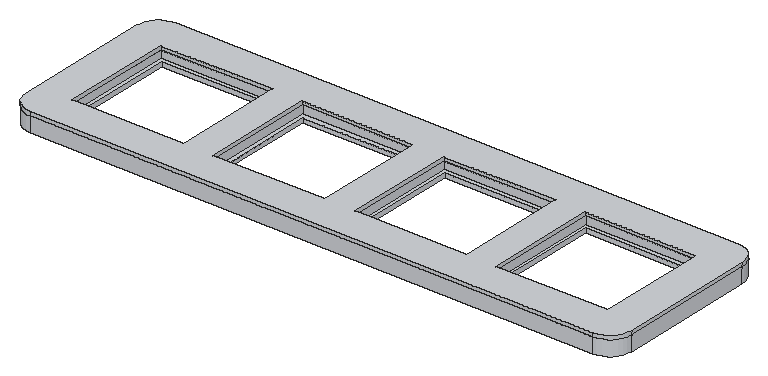
Revit family "Gira_0214410", category Electrical Fixtures, host Face, Revit 2017
Family settings
  Host = Face
  Maintain Annotation Orientation = No
  Round Connector Dimension = Use Diameter
  Part Type = Normal
  Cut with Voids When Loaded = No
  Shared = No
  Room Calculation Point = No
Parameters (values of type "Cov.fr. 4-g Gira E3 p.white/p.white")
  URL = "http://katalog.gira.de/en/datenblatt.html?artikelnr=0214410"
  Transparent = "No"
  Name = "Cov.fr. 4-g Gira E3 p.white/p.white"
  Manufacturer URL = "https://www.gira.de/"
  Manufacturer = "Gira"
  Keynote = ""
  HeinzeBIM = "https://bimportal.heinze.de/bim/cov-fr-4-g-gira-e3-p-white-p-white/a229ac8513172fbd7f0a29b68a1d8d6efa9cbac0"
  HAN = "0214410"
  GTIN = "4010337023746"
  Description = "Cov.fr.4g E3 PwPw,Gira E3 cover frame,pure white glossy with pure white glossy intermediate frame,4-gang,Features:,- Shatter-proof."
  Default Elevation = 1219.2 mm
  Data sheet (1) = "https://katalog.gira.de/en/download.html?artikelnr=0214410"
  Category = "Cover frame for domestic switching devices"
  BIM (1) = "https://media.stage.bim.site/public/gira/36a6b08/E3_Rahmen_4fach.rfa"
  Available = "No"
Reference planes
  plane 1 "Center (Front/Back)": y = 0
  plane 2: z = 0
  plane 3 "Center (Left/Right)": x = 0
Forms (mm)
  Extrusion 1, solid, detail levels fine
    sketch origin (0, 0, 0) x (1, 0, 0) y (0, 1, 0)
      loop
        arc (-141.75, 45.809) -> (-149.535, 42.585) -> (-152.759, 34.8) r 11.009
        line (-152.759, 34.8) -> (-152.759, -34.8)
        arc (-152.759, -34.8) -> (-149.535, -42.585) -> (-141.75, -45.809) r 11.009
        line (-141.75, -45.809) -> (141.75, -45.809)
        arc (141.75, -45.809) -> (149.535, -42.585) -> (152.759, -34.8) r 11.009
        line (152.759, -34.8) -> (152.759, 34.8)
        arc (152.759, 34.8) -> (149.535, 42.585) -> (141.75, 45.809) r 11.009
        line (141.75, 45.809) -> (-141.75, 45.809)
      loop
        line (-78.85, 28.187) -> (-135.106, 28.187) -> (-135.106, -28.187) -> (-78.85, -28.187) -> (-78.85, 28.187)
      loop
        line (-63.95, 28.187) -> (-63.95, -28.187) -> (-7.695, -28.187) -> (-7.695, 28.187) -> (-63.95, 28.187)
      loop
        line (78.85, 28.187) -> (78.85, -28.187) -> (135.106, -28.187) -> (135.106, 28.187) -> (78.85, 28.187)
      loop
        line (63.95, 28.187) -> (7.695, 28.187) -> (7.695, -28.187) -> (63.95, -28.187) -> (63.95, 28.187)
    from 7.65 to 9.5
  Extrusion 2, solid, detail levels fine
    sketch origin (-107.15, 0, 0) x (1, 0, 0) y (0, 1, 0)
      loop
        line (26.1, 25.7) -> (-25.7, 25.7) -> (-25.7, -25.7) -> (26.1, -25.7) -> (26.1, 25.7)
      loop
        line (-28.187, -28.156) -> (28.187, -28.156) -> (28.187, 28.156) -> (-28.187, 28.156) -> (-28.187, -28.156)
    from 1.65 to 3.9
  Extrusion 3, solid, detail levels fine
    sketch origin (0, 0, 0) x (1, 0, 0) y (0, 1, 0)
      loop
        arc (-141.75, 45.809) -> (-149.535, 42.585) -> (-152.759, 34.8) r 11.009
        line (-152.759, 34.8) -> (-152.759, -34.8)
        arc (-152.759, -34.8) -> (-149.535, -42.585) -> (-141.75, -45.809) r 11.009
        line (-141.75, -45.809) -> (141.75, -45.809)
        arc (141.75, -45.809) -> (149.535, -42.585) -> (152.759, -34.8) r 11.009
        line (152.759, -34.8) -> (152.759, 34.8)
        arc (152.759, 34.8) -> (149.535, 42.585) -> (141.75, 45.809) r 11.009
        line (141.75, 45.809) -> (-141.75, 45.809)
      loop
        line (-150.793, 34.785) -> (-150.793, -34.785)
        arc (-150.793, -34.785) -> (-148.14, -41.19) -> (-141.735, -43.843) r 9.058
        line (-141.735, -43.843) -> (141.735, -43.843)
        arc (141.735, -43.843) -> (148.14, -41.19) -> (150.793, -34.785) r 9.058
        line (150.793, -34.785) -> (150.793, 34.785)
        arc (150.793, 34.785) -> (148.14, 41.19) -> (141.735, 43.843) r 9.058
        line (141.735, 43.843) -> (-141.735, 43.843)
        arc (-141.735, 43.843) -> (-148.14, 41.19) -> (-150.793, 34.785) r 9.058
    from 0 to 7.65
  Extrusion 4, solid, detail levels fine
    sketch origin (-35.75, 0, 0) x (1, 0, 0) y (0, 1, 0)
      loop
        line (-98.606, -31.075) -> (170.105, -31.075)
        arc (170.105, -31.075) -> (172.749, -29.98) -> (173.844, -27.337) r 3.739
        line (173.844, -27.337) -> (173.844, 27.337)
        arc (173.844, 27.337) -> (172.749, 29.98) -> (170.105, 31.075) r 3.739
        line (170.105, 31.075) -> (-98.606, 31.075)
        arc (-98.606, 31.075) -> (-101.249, 29.98) -> (-102.344, 27.337) r 3.739
        line (-102.344, 27.337) -> (-102.344, -27.337)
        arc (-102.344, -27.337) -> (-101.249, -29.98) -> (-98.606, -31.075) r 3.739
      loop
        line (-101.194, 27.537) -> (-101.194, -27.537)
        arc (-101.194, -27.537) -> (-100.495, -29.226) -> (-98.806, -29.925) r 2.389
        line (-98.806, -29.925) -> (170.305, -29.925)
        arc (170.305, -29.925) -> (171.994, -29.226) -> (172.694, -27.537) r 2.389
        line (172.694, -27.537) -> (172.694, 27.537)
        arc (172.694, 27.537) -> (171.994, 29.226) -> (170.305, 29.925) r 2.389
        line (170.305, 29.925) -> (-98.806, 29.925)
        arc (-98.806, 29.925) -> (-100.495, 29.226) -> (-101.194, 27.537) r 2.389
    from 1.65 to 7.65
  Extrusion 5, solid, detail levels fine
    sketch origin (0, 0, 0) x (1, 0, 0) y (0, 1, 0)
      loop
        line (-139.017, -39.8) -> (139.017, -39.8)
        arc (139.017, -39.8) -> (144.632, -36.708) -> (146.864, -30.7) r 9.2
        line (146.864, -30.7) -> (146.864, 30.7)
        arc (146.864, 30.7) -> (144.17, 37.205) -> (137.664, 39.9) r 9.2
        line (137.664, 39.9) -> (-137.664, 39.9)
        arc (-137.664, 39.9) -> (-144.17, 37.205) -> (-146.864, 30.7) r 9.2
        line (-146.864, 30.7) -> (-146.864, -30.7)
        arc (-146.864, -30.7) -> (-144.632, -36.708) -> (-139.017, -39.8) r 9.2
      loop
        line (-137.664, -31.7) -> (137.664, -31.7)
        arc (137.664, -31.7) -> (138.372, -31.407) -> (138.664, -30.7) r 1
        line (138.664, -30.7) -> (138.664, 30.7)
        arc (138.664, 30.7) -> (138.372, 31.407) -> (137.664, 31.7) r 1
        line (137.664, 31.7) -> (-137.664, 31.7)
        arc (-137.664, 31.7) -> (-138.372, 31.407) -> (-138.664, 30.7) r 1
        line (-138.664, 30.7) -> (-138.664, -30.7)
        arc (-138.664, -30.7) -> (-138.372, -31.407) -> (-137.664, -31.7) r 1
    from 1.65 to 3.9
  Extrusion 6, solid, detail levels fine
    sketch origin (-107.15, 0, 0) x (1, 0, 0) y (0, 1, 0)
      loop
        line (-28.187, 28.156) -> (-28.187, -28.156) -> (28.187, -28.156) -> (28.187, 28.156) -> (-28.187, 28.156)
      loop
        line (-29.925, 29.925) -> (-29.925, -29.925) -> (29.925, -29.925) -> (29.925, 29.925) -> (-29.925, 29.925)
    from 1.65 to 7.65
  Extrusion 7, solid, detail levels coarse+medium
    sketch origin (0, 0, 0) x (1, 0, 0) y (0, 1, 0)
      loop
        line (-152.759, 45.809) -> (-152.759, -45.809) -> (152.759, -45.809) -> (152.759, 45.809) -> (-152.759, 45.809)
    from 0 to 9.5
  Extrusion 8, solid, detail levels fine
    sketch origin (-35.65, 0, 0) x (-1, 0, 0) y (0, -1, 0)
      loop
        line (25.9, -25.7) -> (25.9, 25.7) -> (-25.9, 25.7) -> (-25.9, -25.7) -> (25.9, -25.7)
      loop
        line (-28.187, 28.156) -> (-28.187, -28.156) -> (28.187, -28.156) -> (28.187, 28.156) -> (-28.187, 28.156)
    from 1.65 to 3.9
  Extrusion 9, solid, detail levels fine
    sketch origin (-35.65, 0, 0) x (-1, 0, 0) y (0, -1, 0)
      loop
        line (-28.187, -28.156) -> (28.187, -28.156) -> (28.187, 28.156) -> (-28.187, 28.156) -> (-28.187, -28.156)
      loop
        line (-29.925, -29.925) -> (29.925, -29.925) -> (29.925, 29.925) -> (-29.925, 29.925) -> (-29.925, -29.925)
    from 1.65 to 7.65
  Extrusion 10, solid, detail levels fine
    sketch origin (35.85, 0, 0) x (-1, 0, 0) y (0, -1, 0)
      loop
        line (26.1, -25.7) -> (26.1, 25.7) -> (-25.7, 25.7) -> (-25.7, -25.7) -> (26.1, -25.7)
      loop
        line (-28.187, 28.156) -> (-28.187, -28.156) -> (28.187, -28.156) -> (28.187, 28.156) -> (-28.187, 28.156)
    from 1.65 to 3.9
  Extrusion 11, solid, detail levels fine
    sketch origin (35.85, 0, 0) x (-1, 0, 0) y (0, -1, 0)
      loop
        line (-28.187, -28.156) -> (28.187, -28.156) -> (28.187, 28.156) -> (-28.187, 28.156) -> (-28.187, -28.156)
      loop
        line (-29.925, -29.925) -> (29.925, -29.925) -> (29.925, 29.925) -> (-29.925, 29.925) -> (-29.925, -29.925)
    from 1.65 to 7.65
  Extrusion 12, solid, detail levels fine
    sketch origin (107.15, 0, 0) x (-1, 0, 0) y (0, -1, 0)
      loop
        line (26.1, -25.7) -> (26.1, 25.7) -> (-25.7, 25.7) -> (-25.7, -25.7) -> (26.1, -25.7)
      loop
        line (-28.187, 28.156) -> (-28.187, -28.156) -> (28.187, -28.156) -> (28.187, 28.156) -> (-28.187, 28.156)
    from 1.65 to 3.9
  Extrusion 13, solid, detail levels fine
    sketch origin (107.15, 0, 0) x (-1, 0, 0) y (0, -1, 0)
      loop
        line (-28.187, -28.156) -> (28.187, -28.156) -> (28.187, 28.156) -> (-28.187, 28.156) -> (-28.187, -28.156)
      loop
        line (-29.925, -29.925) -> (29.925, -29.925) -> (29.925, 29.925) -> (-29.925, 29.925) -> (-29.925, -29.925)
    from 1.65 to 7.65
Dimensions and locks
  aligned and locked: plane 2 to host face
  aligned and locked: level to host face
